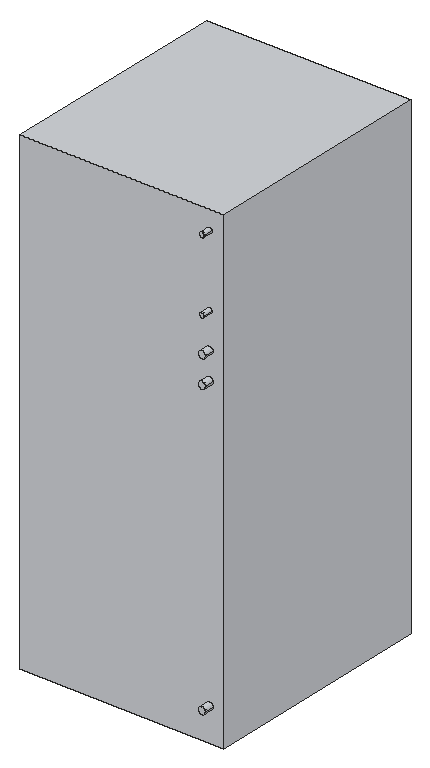
Revit family "015da570a0e54b5fa4b71e383548313f", category Mechanical Equipment, Revit 2021
Family settings
  Round Connector Dimension = Use Radius
  Part Type = Normal
  OmniClass Number = 23.75.10.21.17
  OmniClass Title = Water-Source Heat Pumps
  Seek Item ID = WSHP - Downflow - High Efficiency - 2-5 Tons - Left Return - Bottom Discharge-0000-USA-ENU
  Work Plane-Based = No
  Always vertical = Yes
  Cut with Voids When Loaded = No
  Shared = No
  Room Calculation Point = No
Parameters (values of type "2 Tons")
  Water Supply Radius = 3/8"
  Water Supply Diameter = Water Supply Radius * 2  # 3/4"
  Water Return Radius = 3/8"
  Water Return Diameter = Water Return Radius * 2  # 3/4"
  Water Pressure Drop [instance] = 3.50 psi
  Water Flow [instance] = 8 GPM
  Voltage = 208 V
  Supply Air Height = 9 13/128"
  Supply Air Width = 9 115/128"
  Return Air Width = 21 13/128"
  Return Air Height = 28 51/256"
  Pump Width = 2' - 1 77/128"
  Pump Material = none
  Pump Length = 1' - 10 51/128"
  Pump Height = 4' - 4 1/2"
  Number of Poles = 3
  Load Classification = Cooling
  Hot Water Supply Radius = 1/4"
  Hot Water Supply Diameter = Hot Water Supply Radius * 2  # 1/2"
  Hot Water Return Radius = 1/4"
  Hot Water Return Diameter = Hot Water Return Radius * 2  # 1/2"
  Hot Water Flow [instance] = 5 GPM
  Default Elevation = 0' - 0"
  Condensate Radius = 3/8"
  Drain Flow [instance] = 0 GPM
  Condensate Diameter = Condensate Radius * 2  # 3/4"
  C6 Offset 1 = 1' - 8 51/128"
  C5 Offset 2 = 0' - 8 51/128"
  C5 Offset 1 = 0' - 6 179/256"
  C4 Offset 1 = 0' - 10"
  C3 Offset 1 = 0' - 2 13/128"
  C2 Offset 1 = 1' - 1 115/128"
  C1 Offset 1 = 1' - 4 115/128"
  Apparent Load = 3952 VA
  External Static Pressure [instance] = 0.60 in-wg
  Air Flow [instance] = 800 CFM
Types (5): name | Water Supply Radius | Water Supply Diameter | Water Return Radius | Water Return Diameter | Water Pressure Drop | Water Flow | Supply Air Height | Supply Air Width | Return Air Width | Return Air Height | Pump Width | Pump Length | Pump Height | Hot Water Flow | C6 Offset 1 | C5 Offset 2 | C5 Offset 1 | C4 Offset 1 | C3 Offset 1 | C2 Offset 1 | C1 Offset 1 | Apparent Load | External Static Pressure | Air Flow
  (no name) | 3/8" | 3/4" | 3/8" | 3/4" | 3.50 psi | 8 GPM | 9 13/128" | 9 115/128" | 21 13/128" | 28 51/256" | 2' - 1 77/128" | 1' - 10 51/128" | 4' - 4 1/2" | 5 GPM | 1' - 8 51/128" | 0' - 8 51/128" | 0' - 6 179/256" | 0' - 10" | 0' - 2 13/128" | 1' - 1 115/128" | 1' - 4 115/128" | 3952 VA | 0.60 in-wg | 800 CFM
  2 Tons | 3/8" | 3/4" | 3/8" | 3/4" | 3.50 psi | 8 GPM | 9 13/128" | 9 115/128" | 21 13/128" | 28 51/256" | 2' - 1 77/128" | 1' - 10 51/128" | 4' - 4 1/2" | 5 GPM | 1' - 8 51/128" | 0' - 8 51/128" | 0' - 6 179/256" | 0' - 10" | 0' - 2 13/128" | 1' - 1 115/128" | 1' - 4 115/128" | 3952 VA | 0.60 in-wg | 800 CFM
  3 Tons | 3/8" | 3/4" | 3/8" | 3/4" | 4.50 psi | 9 GPM | 12 115/128" | 13 13/128" | 26 13/128" | 28 51/256" | 2' - 6 77/128" | 2' - 1 51/128" | 4' - 6 1/2" | 8 GPM | 1' - 10 51/128" | 0' - 9" | 0' - 7 51/128" | 0' - 10 205/256" | 0' - 3 51/128" | 1' - 3 77/128" | 1' - 6 115/128" | 5283 VA | 0.60 in-wg | 1200 CFM
  4 Tons | 1/2" | 1" | 1/2" | 1" | 3.60 psi | 12 GPM | 12 115/128" | 13 13/128" | 26 13/128" | 32 51/256" | 2' - 6 77/128" | 2' - 1 51/128" | 4' - 10 1/2" | 10 GPM | 1' - 10 51/128" | 0' - 9" | 0' - 7 51/128" | 0' - 10 205/256" | 0' - 3 51/128" | 1' - 3 77/128" | 1' - 6 115/128" | 6780 VA | 0.80 in-wg | 1600 CFM
  5 Tons | 1/2" | 1" | 1/2" | 1" | 3.60 psi | 15 GPM | 12 115/128" | 13 13/128" | 26 13/128" | 32 51/256" | 2' - 6 77/128" | 2' - 1 51/128" | 5' - 2 1/2" | 13 GPM | 1' - 10 51/128" | 0' - 9" | 0' - 7 51/128" | 0' - 10 205/256" | 0' - 3 51/128" | 1' - 3 77/128" | 1' - 6 115/128" | 7696 VA | 0.80 in-wg | 2000 CFM
Reference planes (in)
  plane 1 "Center (Front/Back)": y = 0
  plane 2: z = 0
  plane 3 "Center (Left/Right)": x = 0
  plane 4: x = 22.39844
  plane 5: y = 25.60156
  plane 6: z = 52.5
  plane 7: x = 5.80078
  plane 8: x = 15.69922
  plane 9: z = -1
  plane 10: z = 47.5
  plane 11: x = 1.6
  plane 12: x = 20.79844
  plane 13: z = 3.6
  plane 14: y = -1
  plane 15: z = 50.39844
  plane 16: z = 42.5
  plane 17: z = 38.60156
  plane 18: z = 35.60156
  plane 19: y = 12.80078
  plane 20: y = 23.35156
  plane 21: y = 2.25
  plane 22: z = 32.10156
  plane 23: z = 3.90234
  plane 24: x = -1
  plane 25: y = 5.37545
  plane 26: y = 17.20312
  plane 27: y = 8.10156
Forms (in)
  Extrusion 1, solid, material <- "Pump Material"
    sketch origin (0, 0, 0) x (1, 0, 0) y (0, 1, 0)
      loop
        line (0, 25.60156) -> (0, 0) -> (22.39844, 0) -> (22.39844, 25.60156) -> (0, 25.60156)
    from 0 to 52.5
  Extrusion 2, solid, material <- "Pump Material"
    sketch origin (0, 0, 0) x (1, 0, 0) y (0, 0, 1)
      loop
        circle (1.6, 47.5) r 1
    from -1 to 0
  Extrusion 3, solid, material <- "Pump Material"
    sketch origin (0, 0, 0) x (1, 0, 0) y (0, 0, 1)
      loop
        circle (20.79844, 3.6) r 0.375
    from 0 to 1
  Extrusion 4, solid, material <- "Pump Material"
    sketch origin (0, 0, 0) x (1, 0, 0) y (0, 0, 1)
      loop
        circle (20.79844, 50.39844) r 0.25
    from 0 to 1
  Extrusion 5, solid, material <- "Pump Material"
    sketch origin (0, 0, 0) x (1, 0, 0) y (0, 0, 1)
      loop
        circle (20.79844, 42.5) r 0.25
    from 0 to 1
  Extrusion 6, solid, material <- "Pump Material"
    sketch origin (0, 0, 0) x (1, 0, 0) y (0, 0, 1)
      loop
        circle (20.79844, 38.60156) r 0.375
    from 0 to 1
  Extrusion 7, solid, material <- "Pump Material"
    sketch origin (0, 0, 0) x (1, 0, 0) y (0, 0, 1)
      loop
        circle (20.79844, 35.60156) r 0.375
    from 0 to 1
  Extrusion 8, solid, material <- "Pump Material"
    sketch origin (0, 0, 0) x (0, 1, 0) y (0, 0, 1)
      loop
        line (23.35156, 32.10156) -> (2.25, 32.10156) -> (2.25, 3.90234) -> (23.35156, 3.90234) -> (23.35156, 32.10156)
    from -1 to 0
  Extrusion 9, solid, material <- "Pump Material"
    sketch origin (0, 0, 0) x (1, 0, 0) y (0, 1, 0)
      loop
        line (5.80078, 8.10156) -> (15.69922, 8.10156) -> (15.69922, 17.20312) -> (5.80078, 17.20312) -> (5.80078, 8.10156)
    from -1 to 0
  Extrusion 10, solid, material <- "Pump Material"
    sketch origin (0, 0, 0) x (1, 0, 0) y (0, 0, 1)
      loop
        circle (1.6, 47.5) r 1
    from -1 to 0
Cuts and joins
  joined: Extrusion 1, Extrusion 2, Extrusion 3, Extrusion 4, Extrusion 5, Extrusion 6, Extrusion 7, Extrusion 8, Extrusion 9, Extrusion 10
Dimensions and locks (in)
  "Pump Width": plane 5 to plane 1 "Center (Front/Back)"
  "Pump Length": plane 3 "Center (Left/Right)" to plane 4
  "Pump Height": plane 6 to level
  "Supply Air Width": plane 7 to plane 8
  locked: level to plane 9 at 1
  locked: plane 11 to plane 3 "Center (Left/Right)" at 1.6
  locked: plane 6 to plane 10 at 5
  locked: plane 4 to plane 12 at 1.6
  locked: plane 13 to level at 3.6
  locked: plane 14 to plane 1 "Center (Front/Back)" at 1
  "C3 Offset 1": plane 6 to plane 15
  "C4 Offset 1": plane 6 to plane 16
  "C2 Offset 1": plane 6 to plane 17
  "C1 Offset 1": plane 6 to plane 18
  equal spacing: plane 20, plane 19, plane 21
  equal spacing: plane 5, plane 19, plane 1 "Center (Front/Back)"
  "Return Air Width": plane 20 to plane 21
  "C6 Offset 1": plane 6 to plane 22
  "Return Air Height": plane 22 to plane 23
  locked: plane 24 to plane 3 "Center (Left/Right)" at 1
  "C5 Offset 1": plane 8 to plane 4
  "C5 Offset 2": plane 5 to plane 26
  "Supply Air Height": plane 26 to plane 27
  "Condensate Radius": radius of Extrusion 3 sketch curve
  "Hot Water Supply Radius": radius of Extrusion 4 sketch curve
  "Hot Water Return Radius": radius of Extrusion 5 sketch curve
  "Water Return Radius": radius of Extrusion 6 sketch curve
  "Water Supply Radius": radius of Extrusion 7 sketch curve
  aligned and locked: plane 3 "Center (Left/Right)" to Extrusion 1 sketch curve
  aligned and locked: Extrusion 1 sketch curve to plane 5
  aligned and locked: plane 1 "Center (Front/Back)" to Extrusion 1 sketch curve
  aligned and locked: Extrusion 1 sketch curve to plane 4
  aligned and locked: plane 6 to Extrusion 1
  aligned and locked: Extrusion 1 to level
  aligned and locked: plane 10 to Extrusion 2 sketch curve
  aligned and locked: plane 11 to Extrusion 2 sketch curve
  aligned and locked: plane 1 "Center (Front/Back)" to Extrusion 2
  aligned and locked: plane 13 to Extrusion 3 sketch curve
  aligned and locked: plane 12 to Extrusion 3 sketch curve
  aligned and locked: Extrusion 3 to plane 14
  aligned and locked: Extrusion 3 to plane 1 "Center (Front/Back)"
  aligned and locked: plane 15 to Extrusion 4 sketch curve
  aligned and locked: plane 12 to Extrusion 4 sketch curve
  aligned and locked: plane 16 to Extrusion 5 sketch curve
  aligned and locked: plane 12 to Extrusion 5 sketch curve
  aligned and locked: plane 12 to Extrusion 6 sketch curve
  aligned and locked: plane 17 to Extrusion 6 sketch curve
  aligned and locked: plane 12 to Extrusion 7 sketch curve
  aligned and locked: plane 18 to Extrusion 7 sketch curve
  aligned and locked: Extrusion 3 to Extrusion 4
  aligned and locked: Extrusion 4 to plane 1 "Center (Front/Back)"
  aligned and locked: Extrusion 6 to Extrusion 3
  aligned and locked: Extrusion 6 to plane 1 "Center (Front/Back)"
  aligned and locked: Extrusion 3 to Extrusion 5
  aligned and locked: Extrusion 5 to plane 1 "Center (Front/Back)"
  aligned and locked: Extrusion 7 to Extrusion 3
  aligned and locked: Extrusion 7 to plane 1 "Center (Front/Back)"
  aligned and locked: plane 20 to Extrusion 8 sketch curve
  aligned and locked: plane 22 to Extrusion 8 sketch curve
  aligned and locked: plane 23 to Extrusion 8 sketch curve
  aligned and locked: Extrusion 8 sketch curve to plane 21
  aligned and locked: Extrusion 8 to plane 24
  aligned and locked: plane 3 "Center (Left/Right)" to Extrusion 8
  aligned and locked: plane 7 to Extrusion 9 sketch curve
  aligned and locked: Extrusion 9 sketch curve to plane 27
  aligned and locked: plane 26 to Extrusion 9 sketch curve
  aligned and locked: plane 8 to Extrusion 9 sketch curve
  aligned and locked: Extrusion 9 to plane 9
  aligned and locked: level to Extrusion 9
  aligned and locked: plane 10 to Extrusion 10 sketch curve
  aligned and locked: plane 11 to Extrusion 10 sketch curve
  aligned and locked: plane 1 "Center (Front/Back)" to Extrusion 10
Automatic sketch dimensions
  radius of Extrusion 2 sketch curve = 0' - 1"
  radius of Extrusion 10 sketch curve = 0' - 1"
Connectors (in)
  piping at (20.79844, -1, 35.60156), diameter 0.75, driven by "Water Flow", driven by "Water Supply Radius"
    settings: on Extrusion 7, index 1, connector inside diameter 3/4", connector length 0' - 0", flow factor 0, pipe flow 8 GPM, pressure drop 0.00 psi, fitting loss kfactor 0, connector angle 0.00°, fixture units 0, engagement length 0' - 0", angle of deflection 0.00°, flow configuration 1, flow direction 1, fitting loss method 0, system type 7, joint type 0, gender type 0, connector reference index 2, connector utility 0, adjustable connector no, is connector primary yes, connector description "Water Supply In"
  piping at (20.79844, -1, 38.60156), diameter 0.75, driven by "Water Flow", driven by "Water Return Radius", driven by "Water Pressure Drop"
    settings: on Extrusion 6, index 2, connector inside diameter 3/4", connector length 0' - 0", flow factor 0, pipe flow 8 GPM, pressure drop 3.50 psi, fitting loss kfactor 0, connector angle 0.00°, fixture units 0, engagement length 0' - 0", angle of deflection 0.00°, flow configuration 1, flow direction 2, fitting loss method 4, system type 8, joint type 0, gender type 0, connector reference index 1, connector utility 0, adjustable connector no, is connector primary no, connector description "Water Return Out"
  piping at (20.79844, -1, 50.39844), diameter 0.5, driven by "Hot Water Flow", driven by "Hot Water Supply Radius"
    settings: on Extrusion 4, index 3, connector inside diameter 1/2", connector length 0' - 0", flow factor 0, pipe flow 5 GPM, pressure drop 0.00 psi, fitting loss kfactor 0, connector angle 0.00°, fixture units 0, engagement length 0' - 0", angle of deflection 0.00°, flow configuration 0, flow direction 2, fitting loss method 0, system type 7, joint type 0, gender type 0, connector reference index 4, connector utility 0, adjustable connector no, is connector primary no, connector description "Hot Water Supply Out"
  piping at (20.79844, -1, 42.5), diameter 0.5, driven by "Hot Water Flow", driven by "Hot Water Return Radius"
    settings: on Extrusion 5, index 4, connector inside diameter 1/2", connector length 0' - 0", flow factor 0, pipe flow 5 GPM, pressure drop 0.00 psi, fitting loss kfactor 0, connector angle 0.00°, fixture units 0, engagement length 0' - 0", angle of deflection 0.00°, flow configuration 0, flow direction 1, fitting loss method 0, system type 8, joint type 0, gender type 0, connector reference index 3, connector utility 0, adjustable connector no, is connector primary no, connector description "Hot Water Return In"
  hvac at (10.75, 12.65234, -1), driven by "Air Flow", driven by "Supply Air Height", driven by "Supply Air Width"
    settings: on Extrusion 9, index 5, duct flow 800 CFM, flow factor 0, pres drop 0.00 in-wg, loss coef 0, conn angle 0.00°, conn width 9 115/128", conn height 9 13/128", conn diameter 24", duct sys type 1, conn prof type 1, flow config 0, flow direction 2, loss method 0, conn ref index 6, conn util no, is conn primary yes, conn desc ""
  hvac at (-1, 12.80078, 18.00195), driven by "Air Flow", driven by "Return Air Height", driven by "Return Air Width"
    settings: on Extrusion 8, index 6, duct flow 800 CFM, flow factor 0, pres drop 0.00 in-wg, loss coef 0, conn angle 0.00°, conn width 21 13/128", conn height 28 51/256", conn diameter 24", duct sys type 2, conn prof type 1, flow config 0, flow direction 1, loss method 0, conn ref index 5, conn util no, is conn primary no, conn desc ""
  piping at (20.79844, -1, 3.6), diameter 0.75, driven by "Drain Flow", driven by "Condensate Radius"
    settings: on Extrusion 3, index 7, connector inside diameter 3/4", connector length 0' - 0", flow factor 0, pipe flow 0 GPM, pressure drop 0.00 psi, fitting loss kfactor 0, connector angle 0.00°, fixture units 0, engagement length 0' - 0", angle of deflection 0.00°, flow configuration 1, flow direction 2, fitting loss method 0, system type 16, joint type 0, gender type 0, connector reference index -1, connector utility 0, adjustable connector yes, is connector primary no, connector description "Condensate Out"
  electrical at (1.6, 0, 47.5), driven by "Apparent Load", driven by "Voltage", driven by "Number of Poles", driven by "Load Classification"
    settings: on Extrusion 2, index 8, voltage 208 V, apparent load 3952 VA, apparent load phase1 0 VA, apparent load phase2 0 VA, apparent load phase3 0 VA, power factor 0.8, load classification "Cooling", number of poles 3, system type 30, power factor state 1, is connector primary yes, connector utility no, sub classification motor no, connector description ""
